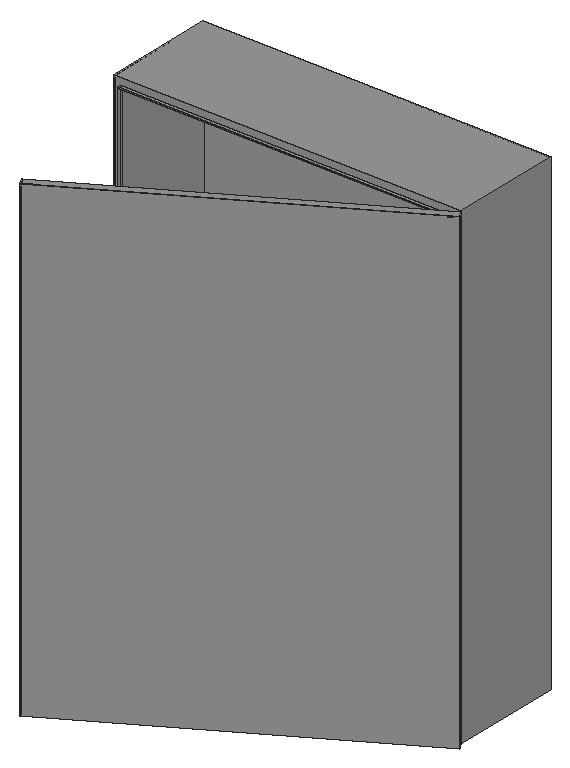
Revit family "Hager-Univers-IP55-D275-H1100-Cl.II-Steel_encl-NoHosted-SE-en", category Equipement électrique, Revit 2020
Family settings
  Configuration du panneau = Deux colonnes, circuits au sein
  Cote de connecteur circulaire = Utiliser le diamètre
  Type d'élément = Tableau de raccordement
  Basée sur le plan de construction = Oui
  Toujours verticalement = Oui
  Couper avec des vides une fois chargée = Non
  Partagée = Non
  Point de calcul de pièce = Non
Parameters (values of type "Surface mounted (plaster) IP55 W800 H1100 D275  - FR73S")
  Width Control [instance] = if([EF000008 - Width] > Min Width, [EF000008 - Width], Min Width)  # 800 mm
  Commentaires du type = [HG000003 - Range]  # "Univers"
  Thickness Door [instance] = if([EF009171 - Material plate thickness door/cover] > 3 mm, 3 mm, [EF009171 - Material plate thickness door/cover])  # 1.5 mm
  Seal Frame Offset [instance] = 17 mm  # constant formula
  Plinth Visibility [instance] = [HG000027 - Plinth height] > 0 mm  # no
  Min Width [instance] = 100 mm  # constant formula
  Min Depth [instance] = (2 * [EF009170 - Material plate thickness cabinet]) + 1 mm  # 4 mm
  Min Height [instance] = 100 mm  # constant formula
  Internal Frame Depth [instance] = (Door System Depth * 0.5)  # 9 mm
  Panel Name [instance] = ""  # (empty or 0)
  Model = ""
  HG000027 - Plinth height = 0 mm
  HG000026 - Floor standing = no
  HG000024 - Bottom section height = 600 mm
  HG000023 - Double section enclosure = no
  HG000016 - Door 3d visibility [instance] = yes
  HG000015 - Clearance visibility [instance] = no
  HG000014 - Door on the right [instance] = yes
  HG000013 - Door on the left [instance] = not([HG000014 - Door on the right])  # no
  HG000012 - Door swing angle [instance] = 30.00°
  HG000010 - Asymmetric doors = no
  HG000009 - Double swing door = no
  HG000006 - Flush mounted = no
  HG000004 - Manufacturer reference = "FR73S"
  HG000003 - Range = "Univers"
  HG000002 - With door or cover = yes
  Frame Offset Bottom [instance] = 10 mm  # constant formula
  Frame Offset [instance] = 15 mm  # constant formula
  EF015940 - Cover with overpressure release = no
  EF011959 - Degree of protection (NEMA) = ""
  EF009554 - Number of openings for flange plates = 6
  EF009212 - Cover model = "EV000116 - Closed"
  EF009171 - Material plate thickness door/cover = 1.5 mm
  EF009170 - Material plate thickness cabinet = 1.5 mm
  EF008873 - Nominal current (In) = 800 A
  EF007800 - Suitable for lightning protection = no
  EF006306 - With lock = no
  EF006244 - Transparent cover/door = no
  EF005474 - Degree of protection (IP) = "EV006420 - IP55"
  EF004464 - Type of door = "EV002646 - Single"
  EF004427 - Number of modules = 252
  EF004293 - Impact strength = "EV008784 - IK10"
  EF003532 - Suitable for outdoor use = no
  EF002950 - Width in number of modular spacings = 24
  EF001613 - Circuit integrity = "EV000494 - None"
  EF001596 - Material housing = "EV000179 - Steel"
  EF001131 - Internal depth = 275 mm
  EF001088 - Extension possible = yes
  EF000437 - Number of conduit inlets = 6
  EF000339 - Type of cover = "EV004216 - Door"
  EF000266 - Number of rows = 7
  EF000218 - Built-in depth = 0 mm
  EF000118 - With mounting plate = no
  EF000116 - RAL-number = "7035"
  EF000049 - Depth = 275 mm
  EF000040 - Height = 1100 mm
  EF000008 - Width = 800 mm
  EF000007 - Colour = "EV000270 - Grey"
  EF000003 - Mounting method = "EV000384 - Surface mounted (plaster)"
  Door System Leaf Tolerance [instance] = 1.5 mm  # constant formula
  Door System Depth [instance] = 18 mm  # constant formula
  Door Height [instance] = Height Control - [HG000027 - Plinth height]  # 1100 mm
  Description = ""
  Default Elevation = 1219.2 mm
  Connector Offset [instance] = Height Control / 2  # 550 mm
  Fabricant = "Hager"  # constant formula
  Height Control [instance] = if([EF000040 - Height] > Min Height, [EF000040 - Height], Min Height)  # 1100 mm
  Depth Control [instance] = if([EF000049 - Depth] > Min Depth, [EF000049 - Depth], Min Depth)  # 275 mm
  Bottom Top Plate Trim [instance] = 1.5 mm  # constant formula
  Plinth height Ctrl [instance] = if([HG000027 - Plinth height] > 0 mm, [HG000027 - Plinth height], 12 mm)  # 12 mm
Types (5, lengths in mm): name | Width Control | HG000010 - Asymmetric doors | HG000009 - Double swing door | HG000004 - Manufacturer reference | EF009554 - Number of openings for flange plates | EF004464 - Type of door | EF004427 - Number of modules | EF000437 - Number of conduit inlets | EF000008 - Width
  Surface mounted (plaster) IP55 W1050 H1100 D275  - FR74S | 1050 | no | yes | "FR74S" | 8 | "EV003602 - Double" | 336 | 8 | 1050
  Surface mounted (plaster) IP55 W1300 H1100 D275  - FR75S | 1300 | yes | yes | "FR75S" | 10 | "EV003602 - Double" | 420 | 10 | 1300
  Surface mounted (plaster) IP55 W300 H1100 D275  - FR71S | 300 | no | no | "FR71S" | 2 | "EV002646 - Single" | 84 | 2 | 300
  Surface mounted (plaster) IP55 W550 H1100 D275  - FR72S | 550 | no | no | "FR72S" | 4 | "EV002646 - Single" | 168 | 4 | 550
  Surface mounted (plaster) IP55 W800 H1100 D275  - FR73S | 800 | no | no | "FR73S" | 6 | "EV002646 - Single" | 252 | 6 | 800
Reference planes
  plane 1 "Center (Front/Back)": y = 0
  plane 2: z = 0
  plane 3 "Center (Left/Right)": x = 0
  plane 4: y = 0
  plane 5: y = 0
  plane 6: z = 0
  plane 7: x = -400
  plane 8: x = 400
  plane 9: x = 398.5
  plane 10: x = -398.5
  plane 11: z = 0
  plane 12: z = 1.5
  plane 13: y = -275
  plane 14: y = -1.5
  plane 15: x = 0
  plane 16: y = -257
  plane 17: y = -273.5
  plane 18: y = -255.5
  plane 19: x = -383.5
  plane 20: x = 383.5
  plane 21: z = 11.5
  plane 22: x = -383
  plane 23: x = 383
  plane 24: z = 0
  plane 25: z = 1100
  plane 26: z = 1100
  plane 27: z = 1083.5
  plane 28: z = 1098.5
Forms (mm)
  Extrusion 1, solid, material "Hager_Steel_RAL7035_Light_Grey", detail levels medium+fine
    sketch origin (-208.679, -4572, 0) x (-1, 0, 0) y (0, -1, 0)
      loop
        line (191.321, -4315) -> (-608.679, -4315) -> (-608.679, -4572) -> (191.321, -4572) -> (191.321, -4315)
    from 0 to 1100
  Extrusion 2, void
    sketch origin (-350.771, -275, 1219.2) x (1, 0, 0) y (0, 0, 1)
      loop
        line (-47.729, -120.7) -> (-47.729, -1217.7) -> (749.271, -1217.7) -> (749.271, -120.7) -> (-47.729, -120.7)
    from -19.5 to -273.5
  Extrusion 3, void
    sketch origin (-290.084, -257, 1219.2) x (1, 0, 0) y (0, 0, 1)
      loop
        line (-93.416, -1207.7) -> (673.584, -1207.7) -> (673.584, -135.7) -> (-93.416, -135.7) -> (-93.416, -1207.7)
    from 0 to -1.5
  Extrusion 4, solid, material "Hager_Steel_RAL7035_Light_Grey", visible <- "Plinth Visibility", detail levels medium+fine
    sketch origin (0, 0, 0) x (1, 0, 0) y (0, 1, 0)
      loop
        line (-400, 0) -> (-400, -257) -> (400, -257) -> (400, 0) -> (-400, 0)
    from 0 to 12 <- "Plinth height Ctrl"
  Extrusion 5, solid, material "Hager_Steel_RAL7035_Light_Grey", detail levels coarse
    sketch origin (0, 0, 0) x (1, 0, 0) y (0, 1, 0)
      loop
        line (-400, 0) -> (-400, -275) -> (400, -275) -> (400, 0) -> (-400, 0)
    from 0 to 1100 <- "Height Control"
  Sweep 6, void
    path in 3D
      loop
        line (-400, -257, 12) -> (400, -257, 12) -> (400, 0, 12) -> (-400, 0, 12) -> (-400, -257, 12)
    profile origin (-400, -128.5, 12) x (1, 0, 0) y (0, 0, 1)
      loop
        line (0, 0) -> (0, -1.5) -> (1.5, -1.5)
        arc (1.5, -1.5) -> (1.061, -0.439) -> (0, 0) r 1.5
  Extrusion 7, solid, material "Hager_Steel_RAL7035_Light_Grey", detail levels fine
    sketch origin (-400, -257, 0) x (1, 0, 0) y (0, 0, 1)
      loop
        line (16.5, 11.5) -> (783.5, 11.5) -> (783.5, 1083.5) -> (16.5, 1083.5) -> (16.5, 11.5)
      loop
        line (15, 10) -> (785, 10) -> (785, 1085) -> (15, 1085) -> (15, 10)
    from 0 to 9 <- "Internal Frame Depth"
Cuts and joins
  Extrusion 2, Extrusion 3 cuts Extrusion 1
  Sweep 6 cuts Extrusion 4
Lines and regions (mm)
  Masking region 1
    outline origin (0, 0, 0) x (1, 0, 0) y (0, 1, 0)
      loop
        line (-400, 0) -> (-400, -275) -> (400, -275) -> (400, 0) -> (-400, 0)
  Masking region 2, detail levels coarse
    outline origin (-290.084, -257, 1219.2) x (-1, 0, 0) y (0, 0, 1)
      loop
        line (-690.084, -1219.2) -> (109.916, -1219.2) -> (109.916, -119.2) -> (-690.084, -119.2) -> (-690.084, -1219.2)
  Masking region 3, detail levels coarse
    outline origin (0, 0, 0) x (0, 1, 0) y (0, 0, 1)
      loop
        line (0, 0) -> (0, 1100) -> (-275, 1100) -> (-275, 0) -> (0, 0)
  Masking region 4, visible <- "Plinth Visibility", detail levels medium+fine
    outline origin (0, 0, 0) x (0, 1, 0) y (0, 0, 1)
      loop
        line (-1.5, 12) -> (-255.5, 12)
        arc (-255.5, 12) -> (-255.939, 10.939) -> (-257, 10.5) r 1.5
        line (-257, 10.5) -> (-257, 0) -> (0, 0) -> (0, 10.5)
        arc (0, 10.5) -> (-1.061, 10.939) -> (-1.5, 12) r 1.5
  Masking region 5, detail levels medium+fine
    outline origin (0, 0, 594.038) x (0, 1, 0) y (0, 0, 1)
      loop
        line (0, -594.038) -> (0, 505.962) -> (-257, 505.962) -> (-257, -594.038) -> (0, -594.038)
  Masking region 6, detail levels medium+fine
    outline origin (-359.7, -257, 1211.883) x (-1, 0, 0) y (0, 0, 1)
      loop
        line (-759.7, -1211.883) -> (40.3, -1211.883) -> (40.3, -111.883) -> (-759.7, -111.883) -> (-759.7, -1211.883)
  Masking region 7, visible <- "Plinth Visibility", detail levels medium+fine
    outline origin (-320.334, -257, 1041.368) x (-1, 0, 0) y (0, 0, 1)
      loop
        line (-720.334, -1041.368) -> (79.666, -1041.368) -> (79.666, -1030.868)
        arc (79.666, -1030.868) -> (78.606, -1030.429) -> (78.166, -1029.368) r 1.5
        line (78.166, -1029.368) -> (-718.834, -1029.368)
        arc (-718.834, -1029.368) -> (-719.273, -1030.429) -> (-720.334, -1030.868) r 1.5
        line (-720.334, -1030.868) -> (-720.334, -1041.368)
  sketch lines
    curve 1: line (-400, 0, 12) -> (-400, -257, 12)
    curve 2: line (-400, -257, 12) -> (400, -257, 12)
    curve 3: line (400, 0, 12) -> (-400, 0, 12)
    curve 4: line (400, -257, 12) -> (400, 0, 12)
Dimensions and locks
  locked: plane 1 "Center (Front/Back)" to plane 5
  "EF009170 - Material plate thickness cabinet": plane 7 to plane 10
  "EF009170 - Material plate thickness cabinet": plane 8 to plane 9
  equal spacing: plane 7, plane 3 "Center (Left/Right)", plane 8
  "Width Control": plane 7 to plane 8
  "Depth Control": plane 4 to plane 13
  "EF009170 - Material plate thickness cabinet": plane 4 to plane 14
  "Height Control": plane 25 to level
  "HG000027 - Plinth height": plane 11 to level
  "EF009170 - Material plate thickness cabinet": plane 12 to plane 11
  "EF009170 - Material plate thickness cabinet": plane 17 to plane 13
  "EF009170 - Material plate thickness cabinet": plane 18 to plane 16
  "Frame Offset Bottom": plane 21 to plane 12
  "Frame Offset": plane 10 to plane 19
  "Frame Offset": plane 9 to plane 20
  "Door System Depth": plane 16 to plane 13
  "Seal Frame Offset": plane 7 to plane 22
  "Seal Frame Offset": plane 8 to plane 23
  "EF009170 - Material plate thickness cabinet": plane 26 to plane 28
  "Frame Offset": plane 28 to plane 27
  "Connector Offset": plane 2 to connector elem
  "Bottom Top Plate Trim": profile plane to Sweep 6 sketch curve
  "Bottom Top Plate Trim": Sweep 6 sketch curve to Sweep 6 sketch curve
  "Plinth height Ctrl": Masking region 4 sketch curve to level
  "Plinth height Ctrl": Masking region 7 sketch curve to level
  "Thickness Door": Extrusion 7 sketch curve to Extrusion 7 sketch curve  (x4)
  "Bottom Top Plate Trim": radius of Sweep 6 sketch curve
  "Bottom Top Plate Trim": radius of Masking region 4 sketch curve  (x2)
  "Bottom Top Plate Trim": radius of Masking region 7 sketch curve  (x2)
  aligned and locked: Extrusion 2 sketch curve to plane 12
  aligned and locked: Extrusion 2 sketch curve to plane 9
  aligned and locked: Extrusion 2 sketch curve to plane 10
  aligned and locked: Extrusion 2 to plane 14
  aligned and locked: Extrusion 1 sketch curve to plane 4
  aligned and locked: plane 8 to Extrusion 1 sketch curve
  aligned and locked: plane 7 to Extrusion 1 sketch curve
  aligned and locked: Extrusion 2 to plane 18
  aligned and locked: Extrusion 3 sketch curve to plane 19
  aligned and locked: plane 20 to Extrusion 3 sketch curve
  aligned and locked: Extrusion 3 to Extrusion 2
  aligned and locked: Extrusion 3 sketch curve to plane 21
  aligned and locked: plane 3 "Center (Left/Right)" to nested 1
  aligned and locked: Extrusion 1 sketch curve to plane 16
  aligned and locked: Extrusion 4 sketch curve to cut or joined group of Extrusion 1, Extrusion 2, Extrusion 3
  aligned and locked: Masking region 1 sketch curve to plane 7
  aligned and locked: Masking region 1 sketch curve to plane 5
  aligned and locked: Masking region 1 sketch curve to plane 8
  aligned and locked: Masking region 2 sketch curve to level
  aligned and locked: level to Masking region 3 sketch curve
  aligned and locked: plane 1 "Center (Front/Back)" to Masking region 3 sketch curve
  aligned and locked: plane 13 to Masking region 3 sketch curve
  aligned and locked: plane 5 to Masking region 4 sketch curve
  aligned and locked: Masking region 2 sketch curve to plane 8
  aligned and locked: Masking region 2 sketch curve to plane 7
  aligned and locked: plane 7 to nested 2
  aligned and locked: nested 2 to plane 5
  aligned and locked: plane 5 to Masking region 5 sketch curve
  aligned and locked: plane 26 to Masking region 5 sketch curve
  aligned and locked: Extrusion 5 sketch curve to plane 8
  aligned and locked: Extrusion 5 sketch curve to plane 7
  aligned and locked: Extrusion 5 sketch curve to plane 5
  aligned and locked: Extrusion 3 sketch curve to plane 27
  aligned and locked: Extrusion 2 sketch curve to plane 28
  aligned and locked: Masking region 2 to plane 25
  aligned and locked: Extrusion 4 to plane 16
  aligned and locked: profile plane to Sweep 6 sketch curve
  aligned and locked: Masking region 5 sketch curve to plane 24
  aligned and locked: level to Masking region 4 sketch curve
  aligned and locked: Masking region 1 to plane 13
  aligned and locked: nested 1 to plane 16
  aligned and locked: Masking region 3 to plane 25
  aligned and locked: plane 16 to Masking region 4 sketch curve
  aligned and locked: Masking region 5 sketch curve to plane 16
  aligned and locked: plane 24 to plane 11
  aligned and locked: plane 26 to plane 25
  aligned and locked: plane 26 to cut or joined group of Extrusion 1, Extrusion 2, Extrusion 3
  aligned and locked: nested 1 to plane 24
  aligned and locked: Extrusion 1 to Extrusion 3
  aligned and locked: Masking region 6 sketch curve to plane 8
  aligned and locked: Masking region 6 sketch curve to plane 24
  aligned and locked: Masking region 6 sketch curve to plane 7
  aligned and locked: Masking region 6 sketch curve to plane 26
  aligned and locked: Masking region 7 sketch curve to plane 7
  aligned and locked: level to Masking region 7 sketch curve
  aligned and locked: Masking region 7 sketch curve to plane 8
  aligned and locked: Extrusion 7 sketch curve to cut or joined group of Extrusion 1, Extrusion 2, Extrusion 3  (x4)
Automatic sketch dimensions
  plane 19 to Extrusion 3 sketch curve = 0 mm
  Extrusion 3 sketch curve to plane 20 = 0 mm
  Extrusion 3 sketch curve to plane 21 = 0 mm
  Extrusion 4 sketch curve to plane 7 = 0 mm
  Extrusion 4 sketch curve to plane 8 = 0 mm
  Extrusion 4 sketch curve to plane 16 = 0 mm
  Masking region 1 sketch curve to plane 13 = 0 mm
  Masking region 2 sketch curve to plane 25 = 0 mm
  Masking region 3 sketch curve to plane 25 = 0 mm
  Extrusion 5 sketch curve to plane 13 = 0 mm
  profile plane to Sweep 6 sketch curve = 0 mm
Nested families
  nested 1: "EC000058_Univers_Door" at (0, -257, 0), Double <- "HG000009 - Double swing door", Transparent <- "EF006244 - Transparent cover/door", Angle <- "HG000012 - Door swing angle", Door_Right <- "HG000014 - Door on the right", Assymetrical <- "HG000010 - Asymmetric doors", Door <- "HG000002 - With door or cover", Width_Ctrl <- "Width Control", 3d_Door <- "HG000016 - Door 3d visibility", Clearance <- "HG000015 - Clearance visibility", Door_Left <- "HG000013 - Door on the left", Width <- "Width Control", Door_Depth <- "Door System Depth", Leaf_Tolerance <- "Door System Leaf Tolerance", Height <- "Door Height", Lock_Visibility <- "EF006306 - With lock", Thickness <- "Thickness Door", type "EC000058_Univers_Door", detail levels medium+fine
    with min_wh 4 mm, Width_Ctrl 800 mm, Width 800 mm, Transparent no, Thickness 1.5 mm, Seal_Material Hager_Rubber, Lock_Visibility no, Lock_Material Hager_Plastic_RAL9005_Jet_Black, Leaf_Width 800 mm, Leaf_Tolerance_External_Sides 0 mm, Leaf_Tolerance 1.5 mm, Leaf_Offset 0 mm, Leaf_Height 1097 mm, Leaf_2_Width 800 mm, Leaf_2_Offset 400 mm, Leaf_1_Width 800 mm, Leaf_1_Offset 400 mm, Height_Ctrl 1100 mm, Height 1100 mm, Glass_Material Hager_Glass, Double_Clearance_Ctrl no, Double no, Door_Right_Ctrl yes, Door_Right yes, Door_Material Hager_Steel_RAL7035_Light_Grey, Door_Left_Ctrl no, Door_Left no, Door_Depth 18 mm, Door yes, Clearance_Material Hager_Clearance, Clearance_Depth 800 mm, Clearance_Ctrl no, Clearance no, Assymetrical no, Angle 30.00°, 3d_Door yes
  nested 2: "Hager_Enclosure_Symbol" at (-400, 0, 0), Height <- "Depth Control", Width <- "Width Control", type "Hager_Enclosure_Symbol"
    with Width_Ctrl 800 mm, Width 800 mm, Height_Ctrl 275 mm, Height 275 mm, A_Width_Int 18.047 mm, A_Width 216.562 mm, A_Height_Ctrl 240.625 mm, A_Height 240.625 mm
Connectors
  electrical at (0, 0, 550)
    settings: on plane 1 "Center (Front/Back)", index 1, voltage 0 V, apparent load 0 VA, apparent load phase1 0 VA, apparent load phase2 0 VA, apparent load phase3 0 VA, power factor 1, load classification "Other", number of poles 1, system type 30, power factor state 1, is connector primary yes, connector utility no, sub classification motor no, connector description ""
Definition of nested family "EC000058_Univers_Door"
  Parameters (values of type "EC000058_Univers_Door")
    min_wh [instance] = (2 * Thickness) + 1 mm  # 11 mm
    Width_Ctrl [instance] = 400 mm
    Width [instance] = 500 mm
    Transparent [instance] = yes
    Thickness [instance] = 5 mm
    Seal_Material [instance] = none
    Lock_Visibility [instance] = yes
    Lock_Material [instance] = none
    Leaf_Width [instance] = if((Width_Ctrl - 2 * Leaf_Tolerance_External_Sides) > 0 mm, (Width_Ctrl - 2 * Leaf_Tolerance_External_Sides), min_wh)  # 400 mm
    Leaf_Tolerance_External_Sides [instance] = 0 mm  # constant formula
    Leaf_Tolerance [instance] = 1.5 mm
    Leaf_Offset [instance] = 0 mm  # constant formula
    Leaf_Height [instance] = if((Height_Ctrl - 2 * Leaf_Tolerance) > 0 mm, (Height_Ctrl - 2 * Leaf_Tolerance), min_wh)  # 497 mm
    Leaf_2_Width [instance] = if(and(and(Double, Assymetrical), Door_Left), (Leaf_Width / 3) - (Leaf_Tolerance / 2), if(and(and(Double, Assymetrical), Door_Right), (Leaf_Width / 3) * 2 - (Leaf_Tolerance / 2), if(and(Double, not(Assymetrical)), (Leaf_Width / 2) - Leaf_Tolerance, Leaf_Width)))  # 400 mm
    Leaf_2_Offset [instance] = if(and(Double, Assymetrical), Leaf_2_Width / 2, if(and(Double, not(Assymetrical)), Leaf_Width / 4, Leaf_Width / 2))  # 200 mm
    Leaf_1_Width [instance] = if(and(and(Double, Assymetrical), Door_Right), (Leaf_Width / 3) - (Leaf_Tolerance / 2), if(and(and(Double, Assymetrical), Door_Left), (Width / 3) * 2 - (Leaf_Tolerance / 2), if(and(Double, not(Assymetrical)), (Leaf_Width / 2) - Leaf_Tolerance, Leaf_Width)))  # 400 mm
    Leaf_1_Offset [instance] = if(and(Double, Assymetrical), Leaf_1_Width / 2, if(and(Double, not(Assymetrical)), Leaf_Width / 4, Leaf_Width / 2))  # 200 mm
    Height_Ctrl [instance] = if(Height > min_wh, Height, min_wh)  # 500 mm
    Height [instance] = 500 mm
    Glass_Material [instance] = none
    Double_Clearance_Ctrl [instance] = and(Double, Clearance)  # no
    Double [instance] = no
    Door_Right_Ctrl [instance] = and(or(Door_Right, Double), Door)  # yes
    Door_Right [instance] = yes
    Door_Material [instance] = none
    Door_Left_Ctrl [instance] = and(or(Door_Left, Double), Door)  # no
    Door_Left [instance] = no
    Door_Depth [instance] = 30 mm
    Door [instance] = yes
    Default Elevation = 1219.2 mm
    Clearance_Material [instance] = none
    Clearance_Depth [instance] = if(Leaf_1_Width > Leaf_2_Width, Leaf_1_Width, Leaf_2_Width)  # 400 mm
    Clearance_Ctrl [instance] = and(not(Double), Clearance)  # yes
    Clearance [instance] = yes
    Assymetrical [instance] = yes
    Angle [instance] = 30.00°
    3d_Door [instance] = yes
  Reference planes
    plane 1 "Center (Front/Back)": y = 0
    plane 2 "Bottom": z = 0
    plane 3 "Center (Left/Right)": x = 0
    plane 4: z = 500
    plane 5: x = -200
    plane 6: x = 200
    plane 7: z = 500
    plane 8: x = -200
    plane 9: z = 0
    plane 10: x = 200
    plane 11: y = 0
    plane 12: z = 1.5
    plane 13: x = -600
    plane 14: y = -400
    plane 15: x = 600
    plane 16: x = 0
    plane 17: x = 0
    plane 18: x = -200
    plane 19: x = 200
    plane 20: z = 498.5
  Forms (mm)
    Extrusion 1, solid, material <- "Clearance_Material", visible <- "Double_Clearance_Ctrl"
      sketch origin (1200, 0, 0) x (1, 0, 0) y (0, 0, -1)
        loop
          line (-1800, -498.5) -> (-600, -498.5) -> (-600, 0) -> (-1800, 0) -> (-1800, -498.5)
      from 0 to -400
  Dimensions and locks
    equal spacing: plane 5, plane 3 "Center (Left/Right)", plane 6
    "Width_Ctrl": plane 5 to plane 6
    "Leaf_Offset": plane 5 to plane 8
    "Leaf_Offset": plane 6 to plane 10
    "Leaf_Offset": plane 9 to level
    "Leaf_Offset": plane 4 to plane 7
    "Height_Ctrl": plane 4 to level
    "Leaf_Tolerance": plane 12 to plane 9
    locked: plane 11 to plane 1 "Center (Front/Back)"
    "Leaf_1_Offset": plane 18 to plane 16
    "Leaf_2_Offset": plane 17 to plane 19
    "Leaf_1_Width": plane 13 to plane 8
    "Leaf_2_Width": plane 10 to plane 15
    "Clearance_Depth": plane 14 to plane 1 "Center (Front/Back)"
    "Leaf_Tolerance_External_Sides": plane 8 to plane 18
    "Leaf_Tolerance_External_Sides": plane 19 to plane 10
    "Leaf_Tolerance": plane 7 to plane 20
    aligned and locked: level to plane 2 "Bottom"
    aligned and locked: nested 1 to plane 16
    aligned and locked: nested 2 to plane 17
    aligned and locked: Extrusion 1 to plane 13
    aligned and locked: plane 15 to Extrusion 1
    aligned and locked: Extrusion 1 to plane 14
    aligned and locked: plane 12 to nested 1
    aligned and locked: nested 2 to plane 12
    aligned and locked: Extrusion 1 to plane 11
    aligned and locked: plane 20 to Extrusion 1
    aligned and locked: nested 2 to plane 11
    aligned and locked: nested 1 to plane 11
  Automatic sketch dimensions
    Extrusion 1 sketch curve to level = 0 mm
    plane 5 to Extrusion 1 sketch curve = 400 mm
    plane 6 to Extrusion 1 sketch curve = 400 mm
    Extrusion 1 sketch curve to plane 4 = 1.5 mm
  Nested families
    nested 1: "EC000058_Univers_Door_Leaf" at (0, 0, 1.5), Width <- "Leaf_1_Width", visible <- "Door_Left_Ctrl", Leaf_Height <- "Leaf_Height", Angle <- "Angle", 3d_Door <- "3d_Door", Transparent <- "Transparent", Clearance Material <- "Clearance_Material", Clearance <- "Clearance_Ctrl", Door_Material <- "Door_Material", Glass_Material <- "Glass_Material", Door_Depth <- "Door_Depth", Lock_Material <- "Lock_Material", Seal_Material <- "Seal_Material", Lock_Visibility <- "Lock_Visibility", Thickness <- "Thickness", type "EC000058_Univers_Door_Leaf"
      with Width 400 mm, Transparent_Glass_Offset 30 mm, Transparent_Ctrl yes, Transparent yes, Thickness 5 mm, Standard no, Seal_Material none, Seal_D2 8 mm, Seal_D1 1 mm, Offset_Internal_Frame 10 mm, Lock_Width 20 mm, Lock_Visibility_3d yes, Lock_Visibility yes, Lock_Thickness_3 3 mm, Lock_Thickness_2 1 mm, Lock_Thickness_1 3 mm, Lock_Radius_Offset_2 16 mm, Lock_Radius_Offset_1 15 mm, Lock_Radius_2 5 mm, Lock_Radius 6 mm, Lock_Offset 5 mm, Lock_Material none, Lock_Height 80 mm, Lock_Cover_Top_Offset_2d 17 mm, Lock_Cover_Height -65 mm, Leaf_Height 497 mm, Internal_Seal_Thickness 8 mm, Internal_Seal_Depth_2 4.5 mm, Internal_Frame_Depth 25 mm, Glass_Thickness -1 mm, Glass_Offset -2 mm, Glass_Material none, Door_Material none, Door_Depth 30 mm, Clearance Material none, Clearance yes, Angle_Ctrl 30.00°, Angle 30.00°, 3d_Door yes
    nested 2: "EC000058_Univers_Door_Leaf" at (0, 0, 1.5) x (-1, 0, 0) z (0, 0, 1), Width <- "Leaf_2_Width", visible <- "Door_Right_Ctrl", Leaf_Height <- "Leaf_Height", Angle <- "Angle", 3d_Door <- "3d_Door", Transparent <- "Transparent", Clearance Material <- "Clearance_Material", Clearance <- "Clearance_Ctrl", Door_Material <- "Door_Material", Glass_Material <- "Glass_Material", Door_Depth <- "Door_Depth", Lock_Material <- "Lock_Material", Seal_Material <- "Seal_Material", Lock_Visibility <- "Lock_Visibility", Thickness <- "Thickness", type "EC000058_Univers_Door_Leaf"
      with Width 400 mm, Transparent_Glass_Offset 30 mm, Transparent_Ctrl yes, Transparent yes, Thickness 5 mm, Standard no, Seal_Material none, Seal_D2 8 mm, Seal_D1 1 mm, Offset_Internal_Frame 10 mm, Lock_Width 20 mm, Lock_Visibility_3d yes, Lock_Visibility yes, Lock_Thickness_3 3 mm, Lock_Thickness_2 1 mm, Lock_Thickness_1 3 mm, Lock_Radius_Offset_2 16 mm, Lock_Radius_Offset_1 15 mm, Lock_Radius_2 5 mm, Lock_Radius 6 mm, Lock_Offset 5 mm, Lock_Material none, Lock_Height 80 mm, Lock_Cover_Top_Offset_2d 17 mm, Lock_Cover_Height -65 mm, Leaf_Height 497 mm, Internal_Seal_Thickness 8 mm, Internal_Seal_Depth_2 4.5 mm, Internal_Frame_Depth 25 mm, Glass_Thickness -1 mm, Glass_Offset -2 mm, Glass_Material none, Door_Material none, Door_Depth 30 mm, Clearance Material none, Clearance yes, Angle_Ctrl 30.00°, Angle 30.00°, 3d_Door yes
  Definition of nested family "EC000058_Univers_Door_Leaf"
    Parameters (values of type "EC000058_Univers_Door_Leaf")
      Width [instance] = 2000 mm
      Transparent_Glass_Offset [instance] = 30 mm
      Transparent_Ctrl [instance] = and(Transparent, [3d_Door])  # yes
      Transparent [instance] = yes
      Thickness [instance] = 5 mm
      Standard [instance] = and(not(Transparent), [3d_Door])  # no
      Seal_Material [instance] = none
      Seal_D2 [instance] = 8 mm  # constant formula
      Seal_D1 [instance] = 1 mm  # constant formula
      Offset_Internal_Frame [instance] = 10 mm  # constant formula
      Lock_Width [instance] = 20 mm  # constant formula
      Lock_Visibility_3d [instance] = and(Lock_Visibility, [3d_Door])  # yes
      Lock_Visibility [instance] = yes
      Lock_Thickness_3 [instance] = 3 mm  # constant formula
      Lock_Thickness_2 [instance] = 1 mm  # constant formula
      Lock_Thickness_1 [instance] = 3 mm  # constant formula
      Lock_Radius_Offset_2 [instance] = Lock_Radius_Offset_1 + 1 mm  # 16 mm
      Lock_Radius_Offset_1 [instance] = 15 mm  # constant formula
      Lock_Radius_2 [instance] = Lock_Radius - 1 mm  # 5 mm
      Lock_Radius [instance] = 6 mm  # constant formula
      Lock_Offset [instance] = 5 mm  # constant formula
      Lock_Material [instance] = none
      Lock_Height [instance] = 80 mm  # constant formula
      Lock_Cover_Top_Offset_2d [instance] = Lock_Radius_Offset_2 + 1 mm  # 17 mm
      Lock_Cover_Height [instance] = -(Lock_Height - Lock_Radius_Offset_1)  # -65 mm
      Leaf_Height [instance] = 2720.336 mm
      Internal_Seal_Thickness [instance] = 8 mm  # constant formula
      Internal_Seal_Depth_2 [instance] = 4.5 mm  # constant formula
      Internal_Frame_Depth [instance] = if(Door_Depth - Thickness > 5 mm, Door_Depth - Thickness, 5 mm)  # 25 mm
      Glass_Thickness [instance] = if(Thickness > 15 mm, Glass_Offset + 10 mm, -1 mm)  # -1 mm
      Glass_Offset [instance] = if(Thickness > 15 mm, -(Thickness + 10 mm) / 2, -2 mm)  # -2 mm
      Glass_Material [instance] = none
      Door_Material [instance] = none
      Door_Depth [instance] = 30 mm
      Default Elevation = 0 mm
      Clearance Material [instance] = none
      Clearance [instance] = yes
      Angle_Ctrl [instance] = if(Angle > 180.00°, 180.00°, Angle)  # 90.00°
      Angle [instance] = 90.00°
      3d_Door [instance] = yes
    Reference planes
      plane 1 "Center (Front/Back)": y = 0
      plane 2: z = 0
      plane 3 "Center (Left/Right)": x = 0
      plane 4: y = 2000
      plane 5: x = -1000
      plane 6: x = 1000
      plane 7: x = -3000
      plane 8: z = 2720.336
      plane 9: z = 30
      plane 10: z = 2690.336
      plane 11: x = 970
      plane 12: x = -970
      plane 13: y = -3
      plane 14: z = 107.833
      plane 15: y = -5
      plane 16: y = -223.314
      plane 17: x = -1000
      plane 18: z = 1360.168
      plane 19: y = 30
    Forms (mm)
      Extrusion 1, solid, material <- "Clearance Material", visible <- "Clearance"
        sketch origin (0, 0, 0) x (1, 0, 0) y (0, 0, 1)
          loop
            line (-3000, 2720.336) -> (-3000, 0) -> (1000, 0) -> (1000, 2720.336) -> (-3000, 2720.336)
        from 0 to -2000
      Extrusion 2, solid, material <- "Door_Material", visible <- "Standard", detail levels medium+fine
        sketch origin (-1000, 0, 0) x (0, 1, 0) y (-1, 0, 0)
          loop
            line (0, 30) -> (0, 25) -> (2000, 25) -> (2000, 30) -> (0, 30)
        from 0 to 2720.336 <- "Leaf_Height"
      Extrusion 3, solid, material <- "Door_Material", visible <- "Transparent_Ctrl", detail levels medium+fine
        sketch origin (-1000, 0, 0) x (0, 1, 0) y (-1, 0, 0)
          loop
            line (0, 25) -> (2000, 25) -> (2000, 30) -> (0, 30) -> (0, 25)
        from 0 to 2720.336 <- "Leaf_Height"
      Extrusion 4, void
        sketch origin (-1025, 2000, 0) x (0, 1, 0) y (0, 0, -1)
          loop
            line (-30, -2690.336) -> (-30, -30) -> (-1970, -30) -> (-1970, -2690.336) -> (-30, -2690.336)
        from 0 to 5 <- "Thickness"
      Sweep 5, solid, material <- "Seal_Material", visible <- "Transparent_Ctrl", detail levels fine
        path in 3D
          loop
            line (-1025, 30, 30) -> (-1025, 30, 2690.336) -> (-1025, 1970, 2690.336) -> (-1025, 1970, 30) -> (-1025, 30, 30)
        profile origin (-1025, 1000, 30) x (1, 0, 0) y (0, 0, 1)
          loop
            line (0, 0) -> (0, -8) -> (1, -8) -> (1, 0) -> (0, 0)
      Extrusion 6, solid, material <- "Glass_Material", visible <- "Transparent_Ctrl", detail levels medium+fine
        sketch origin (-1030, 0, 0) x (0, 1, 0) y (0, 0, -1)
          loop
            line (1970, -2690.336) -> (1970, -30) -> (30, -30) -> (30, -2690.336) -> (1970, -2690.336)
        from -2 <- "Glass_Offset" to -1 <- "Glass_Thickness"
      Extrusion 7, solid, material <- "Door_Material", visible <- "3d_Door", detail levels medium+fine
        sketch origin (-1025, 2000, 0) x (0, -1, 0) y (0, 0, -1)
          loop
            line (0, -2720.336) -> (2000, -2720.336) -> (2000, 0) -> (0, 0) -> (0, -2720.336)
          loop
            line (1995, -5) -> (5, -5) -> (5, -2715.336) -> (1995, -2715.336) -> (1995, -5)
        from 0 to 25 <- "Internal_Frame_Depth"
      Sweep 8, solid, material <- "Seal_Material", visible <- "Transparent_Ctrl", detail levels fine
        path in 3D
          loop
            line (-1025, 0, 0) -> (-1025, 2000, 0) -> (-1025, 2000, 2720.336) -> (-1025, 0, 2720.336) -> (-1025, 0, 0)
        profile origin (-1025, 0, 1360.168) x (1, 0, 0) y (0, 1, 0)
          loop
            line (0, 10) -> (2.975, 10)
            arc (2.975, 10) -> (4.053, 10.447) -> (4.5, 11.525) r 1.525
            line (4.5, 11.525) -> (4.5, 16.527)
            arc (4.5, 16.527) -> (4.069, 17.569) -> (3.027, 18) r 1.473
            line (3.027, 18) -> (0, 18) -> (0, 10)
      Extrusion 9, solid, material <- "Lock_Material", visible <- "Lock_Visibility_3d", detail levels fine
        sketch origin (-1030, 0, 0) x (0, 1, 0) y (0, 0, -1)
          loop
            arc (1993.5, -1400.168) -> (1994.561, -1399.729) -> (1995, -1398.668) r 1.5
            line (1995, -1398.668) -> (1995, -1320.168) -> (1975, -1320.168) -> (1975, -1398.668)
            arc (1975, -1398.668) -> (1975.439, -1399.729) -> (1976.5, -1400.168) r 1.5
            line (1976.5, -1400.168) -> (1993.5, -1400.168)
        from 3 <- "Lock_Thickness_1" to 0
      Blend 10, solid, material <- "Lock_Material", visible <- "Lock_Visibility_3d", detail levels fine
        base sketch origin (-1033, 0, 0) x (0, 1, 0) y (0, 0, -1)
          loop
            line (1975, -1320.168) -> (1975, -1398.668)
            arc (1975, -1398.668) -> (1975.439, -1399.729) -> (1976.5, -1400.168) r 1.5
            line (1976.5, -1400.168) -> (1993.5, -1400.168)
            arc (1993.5, -1400.168) -> (1994.561, -1399.729) -> (1995, -1398.668) r 1.5
            line (1995, -1398.668) -> (1995, -1320.168) -> (1975, -1320.168)
        top sketch origin (-1033, 0, 0) x (0, 1, 0) y (0, 0, -1)
          loop
            line (1976, -1320.168) -> (1976, -1398.668)
            arc (1976, -1398.668) -> (1976.146, -1399.022) -> (1976.5, -1399.168) r 0.5
            line (1976.5, -1399.168) -> (1993.5, -1399.168)
            arc (1993.5, -1399.168) -> (1993.854, -1399.022) -> (1994, -1398.668) r 0.5
            line (1994, -1398.668) -> (1994, -1320.168) -> (1976, -1320.168)
        from 0 to 1 <- "Lock_Thickness_2"
      Blend 11, solid, material <- "Lock_Material", visible <- "Lock_Visibility_3d", detail levels fine
        base sketch origin (-1034, 0, 0) x (0, 1, 0) y (0, 0, -1)
          loop
            line (1978, -1320.168) -> (1978, -1384.168)
            arc (1978, -1384.168) -> (1985, -1391.168) -> (1992, -1384.168) r 7
            line (1992, -1384.168) -> (1992, -1320.168) -> (1978, -1320.168)
        top sketch origin (-1034, 0, 0) x (0, 1, 0) y (0, 0, -1)
          loop
            line (1991, -1320.168) -> (1979, -1320.168) -> (1979, -1383.168)
            arc (1979, -1383.168) -> (1985, -1389.168) -> (1991, -1383.168) r 6
            line (1991, -1383.168) -> (1991, -1320.168)
        from 0 to 3 <- "Lock_Thickness_3"
      Extrusion 12, solid, material <- "Lock_Material", visible <- "Lock_Visibility_3d", detail levels fine
        sketch origin (-1030, 1975, 1320.168) x (1, 0, 0) y (0, -1, 0)
          loop
            line (-7, -19) -> (-7, -1) -> (0, -1) -> (0, 0) -> (-8, 0) -> (-8, -20) -> (0, -20) -> (0, -19) -> (-7, -19)
        from 0 to -65 <- "Lock_Cover_Height"
      Extrusion 13, void
        sketch origin (-1038, 1995, 1320.168) x (-1, 0, 0) y (0, 0, -1)
          loop
            line (-5, -65) -> (0, -65) -> (-5, -60) -> (-5, -65)
        from 0 to 20 <- "Lock_Width"
      Extrusion 14, void
        sketch origin (-1038, 1975, 1320.168) x (0, -1, 0) y (0, 0, -1)
          loop
            circle (-10, -15.995) r 6
          loop
            circle (-10, -15.995) r 5
        from 0 to 2
      Extrusion 15, solid, material <- "Lock_Material", visible <- "Lock_Visibility_3d", detail levels medium
        sketch origin (-1030, 0, 0) x (0, 1, 0) y (0, 0, -1)
          loop
            arc (1993.5, -1400.168) -> (1994.561, -1399.729) -> (1995, -1398.668) r 1.5
            line (1995, -1398.668) -> (1995, -1320.168) -> (1975, -1320.168) -> (1975, -1398.668)
            arc (1975, -1398.668) -> (1975.439, -1399.729) -> (1976.5, -1400.168) r 1.5
            line (1976.5, -1400.168) -> (1993.5, -1400.168)
        from 8 to 0
    Cuts and joins
      Extrusion 4 cuts Extrusion 3
      Extrusion 13, Extrusion 14 cuts Extrusion 9
      Extrusion 14 cuts Blend 11
      Extrusion 13, Extrusion 14 cuts Extrusion 12
      joined: Extrusion 9, Blend 10, Blend 11, Extrusion 12
      Extrusion 14 cuts Extrusion 15
    Lines and regions (mm)
      Masking region 1, visible <- "Lock_Visibility", detail levels fine
        outline origin (0, 0, 0) x (0, 1, 0) y (0, 0, 1)
          loop
            line (30, 1320.168) -> (33, 1320.168) -> (33, 1400.168) -> (30, 1400.168) -> (30, 1320.168)
      Masking region 2, visible <- "Lock_Visibility", detail levels fine
        outline origin (0, 3.143, 0) x (0, 1, 0) y (0, 0, 1)
          loop
            line (29.857, 1354.168) -> (30.857, 1354.168) -> (30.857, 1366.168) -> (29.857, 1366.168) -> (29.857, 1354.168)
      Masking region 3, detail levels medium+fine
        outline origin (0, 0, 0) x (0, 1, 0) y (0, 0, 1)
          loop
            line (0, 0) -> (30, 0) -> (30, 2720.336) -> (0, 2720.336) -> (0, 0)
      Masking region 4, detail levels medium+fine
        outline origin (0, 0, 0) x (1, 0, 0) y (0, 0, 1)
          loop
            line (-1000, 2720.336) -> (-1000, 0) -> (1000, 0) -> (1000, 2720.336) -> (-1000, 2720.336)
      Masking region 5, visible <- "Lock_Visibility", detail levels fine
        outline origin (-47.116, 0, 0) x (1, 0, 0) y (0, 0, 1)
          loop
            arc (1024.616, 1399.168) -> (1023.556, 1398.729) -> (1023.116, 1397.668) r 1.5
            line (1023.116, 1397.668) -> (1023.116, 1320.168) -> (1041.116, 1320.168) -> (1041.116, 1397.668)
            arc (1041.116, 1397.668) -> (1040.677, 1398.729) -> (1039.616, 1399.168) r 1.5
            line (1039.616, 1399.168) -> (1024.616, 1399.168)
      Masking region 6, visible <- "Lock_Visibility", detail levels medium+fine
        outline origin (-25, 0, 0) x (1, 0, 0) y (0, 0, 1)
          loop
            arc (1001.5, 1400.168) -> (1000.439, 1399.729) -> (1000, 1398.668) r 1.5
            line (1000, 1398.668) -> (1000, 1320.168) -> (1020, 1320.168) -> (1020, 1398.668)
            arc (1020, 1398.668) -> (1019.561, 1399.729) -> (1018.5, 1400.168) r 1.5
            line (1018.5, 1400.168) -> (1001.5, 1400.168)
      Masking region 7, visible <- "Lock_Visibility", detail levels fine
        outline origin (-73.735, 0, 0) x (1, 0, 0) y (0, 0, 1)
          loop
            line (1051.735, 1382.168) -> (1065.735, 1382.168) -> (1065.735, 1384.168)
            arc (1065.735, 1384.168) -> (1058.735, 1391.168) -> (1051.735, 1384.168) r 7
            line (1051.735, 1384.168) -> (1051.735, 1382.168)
      Masking region 8, visible <- "Lock_Visibility", detail levels fine
        outline origin (-73.735, 0, 0) x (1, 0, 0) y (0, 0, 1)
          loop
            line (1052.735, 1382.168) -> (1064.735, 1382.168) -> (1064.735, 1383.168)
            arc (1064.735, 1383.168) -> (1058.735, 1389.168) -> (1052.735, 1383.168) r 6
            line (1052.735, 1383.168) -> (1052.735, 1382.168)
      Masking region 9, visible <- "Lock_Visibility", detail levels fine
        outline origin (-25, 0, 0) x (1, 0, 0) y (0, 0, 1)
          loop
            line (1020, 1320.168) -> (1020, 1382.168) -> (1000, 1382.168) -> (1000, 1320.168) -> (1020, 1320.168)
      Masking region 10, detail levels medium+fine
        outline origin (0, 0, 0) x (1, 0, 0) y (0, 0, 1)
          loop
            circle (985, 1335.144) r 6
      Masking region 11, detail levels fine
        outline origin (0, 0, 0) x (1, 0, 0) y (0, 0, 1)
          loop
            circle (985, 1335.144) r 5
      Masking region 12, visible <- "Lock_Visibility", detail levels fine
        outline origin (0, 12.767, 0) x (0, 1, 0) y (0, 0, 1)
          loop
            line (20.233, 1320.168) -> (21.233, 1320.168) -> (21.233, 1399.168) -> (20.233, 1400.168) -> (20.233, 1320.168)
      Masking region 13, visible <- "Lock_Visibility", detail levels fine
        outline origin (0, 13.767, -10) x (0, 1, 0) y (0, 0, 1)
          loop
            line (20.233, 1330.168) -> (23.233, 1330.168) -> (23.233, 1399.168) -> (20.233, 1402.168) -> (20.233, 1330.168)
      Masking region 14, visible <- "Lock_Visibility", detail levels fine
        outline origin (0, 12.767, -10) x (0, 1, 0) y (0, 0, 1)
          loop
            line (20.233, 1330.168) -> (25.233, 1330.168) -> (25.233, 1399.305) -> (20.233, 1394.305) -> (20.233, 1330.168)
      Masking region 15, visible <- "Lock_Visibility", detail levels medium
        outline origin (0, 0, 0) x (0, 1, 0) y (0, 0, 1)
          loop
            line (30, 1320.168) -> (38, 1320.168) -> (38, 1400.168) -> (30, 1400.168) -> (30, 1320.168)
      Masking region 16, visible <- "Lock_Visibility", detail levels fine
        outline origin (-1000, 0, 0) x (0, 1, 0) y (-1, 0, 0)
          loop
            line (1975, 30) -> (1995, 30) -> (1995, 38) -> (1975, 38) -> (1975, 30)
          loop
            line (1979, 37) -> (1976, 37) -> (1976, 34) -> (1978, 34) -> (1979, 37)
          loop
            line (1994, 37) -> (1991, 37) -> (1992, 34) -> (1994, 34) -> (1994, 37)
      Masking region 17, visible <- "Lock_Visibility", detail levels medium
        outline origin (-1000, 0, 0) x (0, 1, 0) y (-1, 0, 0)
          loop
            line (1975, 30) -> (1995, 30) -> (1995, 38) -> (1975, 38) -> (1975, 30)
      symbolic lines
        curve 1: line (1000, 0, 0) -> (-3000, 0, 0)
        curve 2: arc (1000, 0, 0) -> (-1000, 2000, 0) -> (-3000, 0, 0) r 2000
        curve 4: line (-1030, 0, 0) -> (-1030, 2000, 0)
      reference lines
        curve 3: line (-1000, 0, 0) -> (-1000, 2000, 0)
      symbolic lines, detail levels medium+fine
        curve 5: line (-1030, 2000, 0) -> (-1025, 2000, 0)
        curve 7: line (-1025, 0, 0) -> (-1030, 0, 0)
        curve 8: line (-1025, 0, 0) -> (-1000, 0, 0)
        curve 9: line (-1000, 0, 0) -> (-1000, 2000, 0)
        curve 10: line (-1000, 2000, 0) -> (-1025, 2000, 0)
      symbolic lines, detail levels fine
        curve 6: line (-1025, 2000, 0) -> (-1025, 0, 0)
      sketch lines
        curve 11: line (-1025, 0, 2720.336) -> (-1025, 0, 0)
        curve 12: line (-1025, 2000, 0) -> (-1025, 0, 0)
        curve 13: line (-1025, 2000, 2720.336) -> (-1025, 2000, 0)
        curve 14: line (-1025, 0, 2720.336) -> (-1025, 2000, 2720.336)
        curve 15: line (-1025, 1970, 30) -> (-1025, 30, 30)
        curve 16: line (-1025, 30, 30) -> (-1025, 30, 2690.336)
        curve 17: line (-1025, 1970, 2690.336) -> (-1025, 1970, 30)
        curve 18: line (-1025, 30, 2690.336) -> (-1025, 1970, 2690.336)
      symbolic lines, visible <- "Transparent", detail levels medium+fine
        curve 19: line (-970, 0, 2690.336) -> (970, 0, 2690.336)
        curve 20: line (-970, 0, 30) -> (-970, 0, 2690.336)
        curve 21: line (970, 0, 30) -> (-970, 0, 30)
        curve 22: line (970, 0, 2690.336) -> (970, 0, 30)
    Dimensions and locks
      "Width": plane 1 "Center (Front/Back)" to plane 4
      equal spacing: plane 5, plane 3 "Center (Left/Right)", plane 6
      "Width": plane 5 to plane 6
      "Width": plane 7 to plane 5
      "Leaf_Height": plane 8 to level
      "Width": curve 5 to curve 3
      "Width": curve 3 to curve 3
      plane 8 to plane 10 = 30 mm
      plane 9 to level = 30 mm
      plane 12 to plane 5 = 30 mm
      plane 6 to plane 11 = 30 mm
      Extrusion 1 to Extrusion 4 sketch curve = 30 mm
      "Transparent_Glass_Offset": curve 3 to Extrusion 4 sketch curve
      "Transparent_Glass_Offset": Extrusion 4 sketch curve to cut or joined group of Extrusion 3, Extrusion 4  (x2)
      cut or joined group of Extrusion 3, Extrusion 4 to Extrusion 6 sketch curve = 30 mm
      "Transparent_Glass_Offset": cut or joined group of Extrusion 3, Extrusion 4 to Extrusion 4 sketch curve
      "Thickness": curve 6 to curve 4
      "Thickness": Extrusion 7 sketch curve to Extrusion 7 sketch curve  (x4)
      "Door_Depth": curve 4 to curve 3
      "Offset_Internal_Frame": profile plane to Sweep 8 sketch curve
      "Internal_Seal_Thickness": Sweep 8 sketch curve to Sweep 8 sketch curve
      "Internal_Seal_Depth_2": profile plane to Sweep 8 sketch curve
      "Seal_D1": profile plane to Sweep 5 sketch curve
      "Seal_D2": profile plane to Sweep 5 sketch curve
      "Thickness": Extrusion 2 sketch curve to Extrusion 2 sketch curve
      equal spacing: Extrusion 9 sketch curve, plane 18, Extrusion 9 sketch curve  (x2)
      equal spacing: Masking region 1 sketch curve, plane 18, Masking region 1 sketch curve
      "Lock_Height": Masking region 1 sketch curve to Masking region 1 sketch curve
      "Lock_Radius": Masking region 2 sketch curve to plane 18 to Masking region 2 sketch curve
      Masking region 2 sketch curve to Masking region 1 = 1 mm
      "Door_Depth": plane 19 to plane 1 "Center (Front/Back)"
      "Lock_Thickness_1": Masking region 1 sketch curve to plane 19
      "Lock_Width": Extrusion 9 sketch curve to Extrusion 9 sketch curve
      "Lock_Height": Extrusion 9 sketch curve to Extrusion 9 sketch curve
      "Lock_Offset": cut or joined group of Extrusion 3, Extrusion 4 to Extrusion 9 sketch curve
      equal spacing: plane 8, plane 18, level
      "Lock_Radius_Offset_1": Blend 11 sketch curve to Blend 10
      locked: Blend 10 to Blend 11 sketch curve at 2  (x2)
      locked: var sketch to Blend 11 sketch curve at 1  (x2)
      "Lock_Radius_Offset_2": Blend 11 sketch curve to Blend 10
      locked: Extrusion 12 sketch curve to Extrusion 12 sketch curve at 1  (x3)
      Masking region 6 sketch curve to Masking region 6 sketch curve = 80 mm
      "Lock_Height": Masking region 6 sketch curve to Masking region 6 sketch curve
      "Lock_Width": Masking region 6 sketch curve to Masking region 6 sketch curve
      locked: Masking region 6 to Masking region 5 sketch curve at 1  (x3)
      locked: Masking region 5 to Masking region 7 sketch curve at 2  (x2)
      "Lock_Radius_Offset_1": Masking region 5 to Masking region 7 sketch curve
      "Lock_Radius_Offset_2": Masking region 5 to Masking region 8 sketch curve
      locked: Masking region 7 to Masking region 8 sketch curve at 1  (x2)
      "Lock_Cover_Top_Offset_2d": Masking region 5 to Masking region 9 sketch curve
      equal spacing: Masking region 9, Masking region 10 sketch curve, Masking region 9
      equal spacing: Masking region 9, Masking region 11 sketch curve, Masking region 9
      Extrusion 15 sketch curve to Extrusion 15 sketch curve = 80 mm
      "Lock_Width": Extrusion 15 sketch curve to Extrusion 15 sketch curve
      "Lock_Height": Extrusion 15 sketch curve to Extrusion 15 sketch curve
      equal spacing: Extrusion 15 sketch curve, plane 18, Extrusion 15 sketch curve
      "Lock_Thickness_3": Masking region 13 sketch curve to Masking region 13 sketch curve
      "Lock_Height": Masking region 12 sketch curve to Masking region 12 sketch curve
      locked: Masking region 13 sketch curve to Masking region 1 at 8
      locked: Masking region 14 sketch curve to Masking region 13 at 1
      locked: Masking region 14 sketch curve to Masking region 1 at 10.863
      "Lock_Height": Masking region 15 sketch curve to Masking region 15 sketch curve
      "Lock_Offset": Extrusion 15 sketch curve to cut or joined group of Extrusion 3, Extrusion 4
      "Lock_Offset": plane 6 to Masking region 6 sketch curve
      radius of Sweep 8 sketch curve = 1.525 mm
      radius of Sweep 8 sketch curve = 1.473 mm
      radius of Extrusion 9 sketch curve = 1.5 mm  (x2)
      "Lock_Radius": radius of Extrusion 14 sketch curve
      "Lock_Radius_2": radius of Extrusion 14 sketch curve
      "Lock_Radius": radius of Masking region 10 sketch curve
      "Lock_Radius_2": radius of Masking region 11 sketch curve
      radius of Extrusion 15 sketch curve = 1.5 mm  (x2)
      "Angle_Ctrl": angle plane 1 "Center (Front/Back)" to curve 3
      locked: Masking region 12 sketch curve to Masking region 12 sketch curve (angle 45.00°)
      locked: Masking region 13 sketch curve to Masking region 13 sketch curve (angle 45.00°)
      locked: Masking region 14 sketch curve to Masking region 14 sketch curve (angle 45.00°)
      aligned and locked: level to plane 2
      aligned and locked: Extrusion 1 to curve 1
      aligned and locked: plane 6 to Extrusion 1
      aligned and locked: Extrusion 1 to plane 1 "Center (Front/Back)"
      aligned and locked: plane 4 to Extrusion 1
      aligned and locked: plane 8 to Extrusion 1
      aligned and locked: curve 7 to Extrusion 2 sketch curve
      aligned and locked: curve 5 to Extrusion 2 sketch curve
      aligned and locked: curve 7 to Extrusion 3 sketch curve
      aligned and locked: Extrusion 3 sketch curve to curve 4
      aligned and locked: Extrusion 3 sketch curve to curve 6
      aligned and locked: Extrusion 3 sketch curve to curve 5
      aligned and locked: curve 9 to curve 3
      aligned and locked: Extrusion 7 sketch curve to cut or joined group of Extrusion 3, Extrusion 4  (x4)
      aligned and locked: plane 17 to curve 3
      aligned and locked: plane 1 "Center (Front/Back)" to curve 3
      aligned and locked: plane 17 to plane 5
      aligned and locked: Sweep 8 sketch curve to profile plane
      aligned and locked: Sweep 5 sketch curve to profile plane  (x2)
      aligned and locked: Masking region 1 to Masking region 2 sketch curve
      aligned and locked: plane 19 to Masking region 1 sketch curve
      aligned and locked: plane 1 "Center (Front/Back)" to Masking region 3 sketch curve
      aligned and locked: plane 19 to Masking region 3 sketch curve
      aligned and locked: level to Masking region 3 sketch curve
      aligned and locked: Masking region 3 sketch curve to plane 8
      aligned and locked: plane 17 to Masking region 4 sketch curve
      aligned and locked: level to Masking region 4 sketch curve
      aligned and locked: Masking region 4 sketch curve to plane 8
      aligned and locked: plane 12 to curve 20
      aligned and locked: plane 10 to curve 19
      aligned and locked: plane 11 to curve 22
      aligned and locked: curve 21 to plane 9
      aligned and locked: Extrusion 2 sketch curve to cut or joined group of Extrusion 3, Extrusion 4
      aligned and locked: Blend 10 sketch curve to Extrusion 9  (x4)
      aligned and locked: Extrusion 9 to Blend 10 sketch curve
      aligned and locked: Blend 10 to Blend 11 sketch curve
      aligned and locked: Extrusion 12 sketch curve to Blend 11
      aligned and locked: Extrusion 12 sketch curve to Extrusion 9  (x4)
      aligned and locked: Masking region 5 sketch curve to Masking region 6
      aligned and locked: Masking region 9 sketch curve to Masking region 6  (x3)
      aligned and locked: Masking region 12 sketch curve to Masking region 1
      aligned and locked: Masking region 13 sketch curve to Masking region 1
      aligned and locked: Masking region 12 to Masking region 14
      aligned and locked: Masking region 14 sketch curve to Masking region 1
      aligned and locked: Masking region 15 sketch curve to Masking region 14
      aligned and locked: Masking region 13 sketch curve to Masking region 12
      aligned and locked: Masking region 16 sketch curve to cut or joined group of Extrusion 14, Extrusion 15  (x4)
      aligned and locked: Masking region 16 sketch curve to cut or joined group of Extrusion 9, Blend 10, Blend 11, Extrusion 12, Extrusion 13, Extrusion 14  (x6)
      aligned and locked: cut or joined group of Extrusion 9, Blend 10, Blend 11, Extrusion 12, Extrusion 13, Extrusion 14 to Masking region 16 sketch curve
      aligned and locked: Masking region 17 sketch curve to cut or joined group of Extrusion 14, Extrusion 15  (x3)
      aligned and locked: Masking region 17 sketch curve to cut or joined group of Extrusion 9, Blend 10, Blend 11, Extrusion 12, Extrusion 13, Extrusion 14
      aligned and locked: Masking region 9 to Masking region 8 sketch curve
      aligned and locked: Masking region 9 to Masking region 7 sketch curve
    Automatic sketch dimensions
      plane 1 "Center (Front/Back)" to curve 2 = 0 mm
      curve 2 to plane 5 = 0 mm
      Extrusion 1 sketch curve to level = 0 mm
      Extrusion 1 sketch curve to plane 7 = 0 mm
      Extrusion 1 sketch curve to plane 6 = 0 mm
      Extrusion 1 sketch curve to plane 8 = 0 mm
      Extrusion 3 to Extrusion 6 sketch curve = 30 mm  (x4)
      Masking region 4 sketch curve to plane 6 = 0 mm
      Blend 10 sketch curve to Extrusion 9 = 1.5 mm
      Blend 10 sketch curve to Extrusion 9 = 1 mm
      Extrusion 13 sketch curve to Extrusion 12 = 0 mm  (x2)
      Extrusion 12 to Extrusion 13 sketch curve = 3 mm
      Extrusion 13 sketch curve to Extrusion 12 = 5 mm
      Extrusion 14 sketch curve to Extrusion 14 sketch curve = 0 mm  (x2)
      Extrusion 14 sketch curve to Extrusion 12 = 10 mm
      Extrusion 14 sketch curve to Extrusion 12 = 15.995 mm
      Masking region 5 sketch curve to Masking region 5 sketch curve = 1.5 mm  (x2)
      Masking region 10 sketch curve to plane 18 = 25.024 mm
      Masking region 11 sketch curve to plane 18 = 25.024 mm
      plane 19 to Masking region 14 sketch curve = 3 mm
      Masking region 16 sketch curve to Masking region 16 sketch curve = 3 mm
      curve 4 to curve 3 = 0 mm
      Blend 10 to Blend 11 sketch curve = 0 mm
      Masking region 6 sketch curve to Masking region 6 sketch curve = 1.5 mm  (x2)
      Masking region 6 sketch curve to plane 18 = 40 mm
      plane 19 to Masking region 12 sketch curve = 3 mm
      Masking region 12 sketch curve to Masking region 12 sketch curve = 1 mm
      Masking region 15 sketch curve to plane 19 = 0 mm
      Masking region 15 sketch curve to plane 18 = 40 mm
      radius of Blend 10 sketch curve to Extrusion 9 = 1 mm
Definition of nested family "Hager_Enclosure_Symbol"
  Parameters (values of type "Hager_Enclosure_Symbol")
    Width_Ctrl [instance] = if(Width > 1 mm, Width, 1 mm)  # 102.27 mm
    Width [instance] = 102.27 mm
    Height_Ctrl [instance] = if(Height > 1 mm, Height, 1 mm)  # 66.5 mm
    A_Width_Int [instance] = if(A_Width / 12 > 2 mm, A_Width / 12, 2 mm)  # 4.364 mm
    A_Width [instance] = if(A_Height_Ctrl * 0.9 > 2 mm, A_Height_Ctrl * 0.9, 2 mm)  # 52.369 mm
    A_Height_Ctrl [instance] = if(A_Height > 2 mm, A_Height, 2 mm)  # 58.188 mm
    Height [instance] = 66.5 mm
    A_Height [instance] = Height - (Height / 8)  # 58.188 mm
  Reference planes
    plane 1 "Centre (avant/arrière)": y = 0
    plane 2: z = 0
    plane 3 "Centre (gauche/droite)": x = 0
    plane 4: x = 52.369
    plane 5: y = 33.042
    plane 6: y = 41.77
    plane 7: y = 66.5
    plane 8: x = 26.184
    plane 9: y = 37.406
    plane 10: x = 102.27
    plane 11: y = 66.5
    plane 12: y = 8.313
  Lines and regions (mm)
    Filled region 1, type "Solid_Black", in view "Niveau de réf."
      outline origin (0, 0, 0) x (1, 0, 0) y (0, 1, 0)
        loop
          line (52.369, 66.5) -> (33.188, 54.536) -> (45.365, 45.006) -> (52.369, 66.5)
    Filled region 2, type "Solid_Black", in view "Niveau de réf."
      outline origin (0, 0, 0) x (1, 0, 0) y (0, 1, 0)
        loop
          line (0, 0) -> (102.27, 0) -> (102.27, 66.5) -> (0, 0)
    detail lines, in view "Niveau de réf."
      curve 1: line (0, 8.313, 0) -> (26.184, 41.77, 0)
      curve 2: line (26.184, 41.77, 0) -> (26.184, 33.042, 0)
      curve 3: line (26.184, 33.042, 0) -> (52.369, 66.5, 0)
  Dimensions and locks
    "A_Width": plane 3 "Centre (gauche/droite)" to plane 4
    equal spacing: plane 3 "Centre (gauche/droite)", plane 8, plane 4
    equal spacing: plane 6, plane 9, plane 5
    equal spacing: curve 3, Filled region 1 sketch curve, Filled region 1 sketch curve
    "Height_Ctrl": plane 1 "Centre (avant/arrière)" to plane 11
    "A_Height_Ctrl": plane 11 to plane 12
    equal spacing: plane 11, plane 9, plane 12
    "A_Width_Int": plane 6 to plane 9
    "Width_Ctrl": plane 3 "Centre (gauche/droite)" to plane 10
    angle Filled region 1 sketch curve to curve 3 = 20.00°
    angle curve 3 to Filled region 1 sketch curve = 20.00°
    locked: curve 3 to Filled region 1 sketch curve (angle 90.00°)
    aligned and locked: plane 10 to Filled region 2
    aligned and locked: plane 11 to Filled region 2 sketch curve
    aligned and locked: plane 10 to Filled region 2 sketch curve
    aligned and locked: plane 3 "Centre (gauche/droite)" to curve 1
    aligned and locked: plane 12 to curve 1
    aligned and locked: plane 7 to plane 11
  Automatic sketch dimensions
    Filled region 1 sketch curve to plane 4 = 0 mm
    Filled region 1 sketch curve to plane 7 = 0 mm
    plane 1 "Centre (avant/arrière)" to Filled region 2 sketch curve = 0 mm
    Filled region 2 sketch curve to plane 3 "Centre (gauche/droite)" = 0 mm
    curve 2 to plane 6 = 0 mm
    curve 2 to plane 8 = 0 mm
    curve 3 to plane 4 = 0 mm
    curve 2 to plane 5 = 0 mm
    curve 3 to plane 7 = 0 mm
